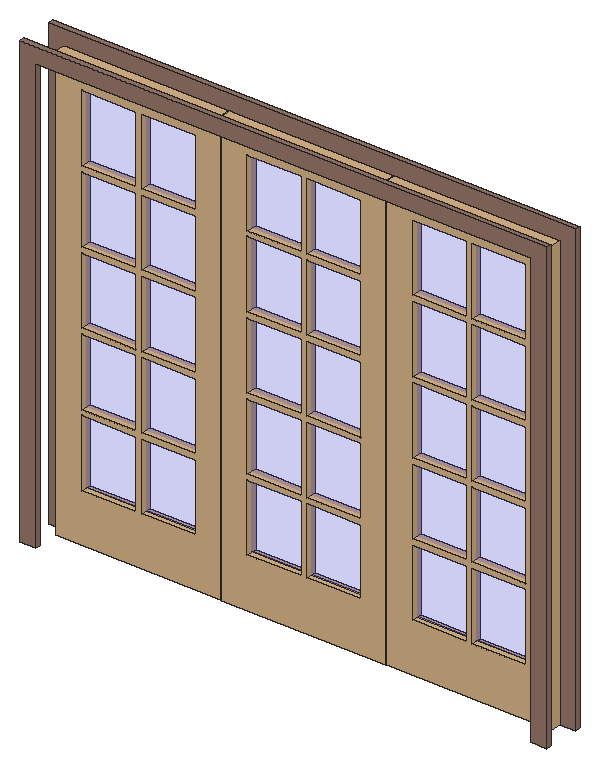
Revit family "0083_M_DR_W_triple-glass 2", category 문, Revit 2026
Family settings
  호스트 = 벽
  항상 수직 = 예
  로드될 때 보이드를 사용하여 절단 = 아니오
  공유 = 아니오
  룸 계산 점 = 아니오
Parameters (values of type "96" x 84"")
  두께 = 0' - 2"
  기능 = 내부
  Muntin = 0' - 1"
  조합 코드 = "C1020"
  Door Material = Door - Panel
  Frame Material = Door - Frame
  Height = 7' - 0"
  Rail Width - Base = 0' - 9 1/2"
  Rail Width - Top = 0' - 5"
  Stile Width = 0' - 5"
  Trim Projection = 0' - 1"
  Trim Width = 0' - 3"
  벽 마무리 = 호스트별
  Width = 8' - 0"
  Panel Width = Width / 3  # 2' - 8"
Types (5): name | 두께 | Muntin | 조합 코드 | Height | Rail Width - Base | Rail Width - Top | Stile Width | Trim Projection | Trim Width | Width | Panel Width
  108" x 84" | 0' - 2" | 0' - 1" | "C1020" | 7' - 0" | 0' - 9 1/2" | 0' - 5" | 0' - 5" | 0' - 1" | 0' - 3" | 9' - 0" | 3' - 0"
  96" x 80" | 0' - 2" | 0' - 1" | "C1020" | 6' - 8" | 0' - 9 1/2" | 0' - 5" | 0' - 5" | 0' - 1" | 0' - 3" | 8' - 0" | 2' - 8"
  96" x 84" | 0' - 2" | 0' - 1" | "C1020" | 7' - 0" | 0' - 9 1/2" | 0' - 5" | 0' - 5" | 0' - 1" | 0' - 3" | 8' - 0" | 2' - 8"
  108" x 82" | 0' - 2" | 0' - 1" | "C1020" | 6' - 10" | 0' - 9 1/2" | 0' - 5" | 0' - 5" | 0' - 1" | 0' - 3" | 9' - 0" | 3' - 0"
  2438 x 2134mm | 0' - 1.9685" | 0' - 0.98425" | 0' - 0" | 7' - 0.01575" | 0' - 9.44882" | 0' - 4.92126" | 0' - 4.92126" | 0' - 0.98425" | 0' - 2.95276" | 7' - 11.98819" | 2' - 7.99606"
Reference planes (in)
  plane 1: y = 0
  plane 2: z = 0
  plane 3: x = 0
  plane 4: x = -48
  plane 5: x = 48
  plane 6: z = 84
  plane 7: z = 42
  plane 8: z = 9.5
  plane 9: z = 79
  plane 10: x = 16
  plane 11: x = -16
  plane 12: x = 43
  plane 13: x = 11
  plane 14: x = -11
  plane 15: x = -43
  plane 16: x = 21
  plane 17: x = -21
  plane 18: x = 32
  plane 19: x = -32
  plane 20: z = 80
  plane 21: z = 65.9
  plane 22: z = 51.8
  plane 23: z = 37.7
  plane 24: z = 23.6
  plane 25: z = 64.9
  plane 26: z = 50.8
  plane 27: z = 36.7
  plane 28: z = 22.6
Forms (in)
  Extrusion 1, solid, material "Door - Panel" <- "Door Material"
    sketch origin (0, 0, 0) x (1, 0, 0) y (0, 0, 1)
      loop
        line (-48, 84) -> (-48, 0) -> (-16.125, 0) -> (-16.125, 84) -> (-48, 84)
      loop
        line (48, 84) -> (16.125, 84) -> (16.125, 0) -> (48, 0) -> (48, 84)
      loop
        line (-43, 79) -> (-43, 65.9) -> (-32.5, 65.9) -> (-32.5, 79) -> (-43, 79)
      loop
        line (-43, 9.5) -> (-32.5, 9.5) -> (-32.5, 22.6) -> (-43, 22.6) -> (-43, 9.5)
      loop
        line (-21, 79) -> (-31.5, 79) -> (-31.5, 65.9) -> (-21, 65.9) -> (-21, 79)
      loop
        line (21, 79) -> (21, 65.9) -> (31.5, 65.9) -> (31.5, 79) -> (21, 79)
      loop
        line (21, 9.5) -> (31.5, 9.5) -> (31.5, 22.6) -> (21, 22.6) -> (21, 9.5)
      loop
        line (43, 79) -> (32.5, 79) -> (32.5, 65.9) -> (43, 65.9) -> (43, 79)
      loop
        line (11, 79) -> (0.5, 79) -> (0.5, 65.9) -> (11, 65.9) -> (11, 79)
      loop
        line (11, 9.62483) -> (11, 22.6) -> (0.5, 22.6) -> (0.5, 9.62483) -> (11, 9.62483)
      loop
        line (-11, 9.62483) -> (-0.5, 9.62483) -> (-0.5, 22.6) -> (-11, 22.6) -> (-11, 9.62483)
      loop
        line (-11, 79) -> (-11, 65.9) -> (-0.5, 65.9) -> (-0.5, 79) -> (-11, 79)
      loop
        line (15.875, 84) -> (-15.875, 84) -> (-15.875, 0) -> (15.875, 0) -> (15.875, 84)
      loop
        line (43, 22.6) -> (32.5, 22.6) -> (32.5, 9.5) -> (43, 9.5) -> (43, 22.6)
      loop
        line (43, 23.6) -> (43, 36.7) -> (32.5, 36.7) -> (32.5, 23.6) -> (43, 23.6)
      loop
        line (21, 23.6) -> (31.5, 23.6) -> (31.5, 36.7) -> (21, 36.7) -> (21, 23.6)
      loop
        line (21, 37.7) -> (31.5, 37.7) -> (31.5, 50.8) -> (21, 50.8) -> (21, 37.7)
      loop
        line (32.5, 37.7) -> (43, 37.7) -> (43, 50.8) -> (32.5, 50.8) -> (32.5, 37.7)
      loop
        line (43, 51.8) -> (43, 64.9) -> (32.5, 64.9) -> (32.5, 51.8) -> (43, 51.8)
      loop
        line (31.5, 51.8) -> (31.5, 64.9) -> (21, 64.9) -> (21, 51.8) -> (31.5, 51.8)
      loop
        line (11, 64.9) -> (0.5, 64.9) -> (0.5, 51.8) -> (11, 51.8) -> (11, 64.9)
      loop
        line (-11, 64.9) -> (-11, 51.8) -> (-0.5, 51.8) -> (-0.5, 64.9) -> (-11, 64.9)
      loop
        line (-11, 50.8) -> (-11, 37.7) -> (-0.5, 37.7) -> (-0.5, 50.8) -> (-11, 50.8)
      loop
        line (0.5, 50.8) -> (0.5, 37.7) -> (11, 37.7) -> (11, 50.8) -> (0.5, 50.8)
      loop
        line (-11, 36.7) -> (-11, 23.6) -> (-0.5, 23.6) -> (-0.5, 36.7) -> (-11, 36.7)
      loop
        line (0.5, 36.7) -> (0.5, 23.6) -> (11, 23.6) -> (11, 36.7) -> (0.5, 36.7)
      loop
        line (-21, 22.6) -> (-31.5, 22.6) -> (-31.5, 9.5) -> (-21, 9.5) -> (-21, 22.6)
      loop
        line (-21, 23.6) -> (-21, 36.7) -> (-31.5, 36.7) -> (-31.5, 23.6) -> (-21, 23.6)
      loop
        line (-32.5, 23.6) -> (-32.5, 36.7) -> (-43, 36.7) -> (-43, 23.6) -> (-32.5, 23.6)
      loop
        line (-43, 37.7) -> (-32.5, 37.7) -> (-32.5, 50.8) -> (-43, 50.8) -> (-43, 37.7)
      loop
        line (-31.5, 37.7) -> (-21, 37.7) -> (-21, 50.8) -> (-31.5, 50.8) -> (-31.5, 37.7)
      loop
        line (-21, 51.8) -> (-21, 64.9) -> (-31.5, 64.9) -> (-31.5, 51.8) -> (-21, 51.8)
      loop
        line (-43, 51.8) -> (-32.5, 51.8) -> (-32.5, 64.9) -> (-43, 64.9) -> (-43, 51.8)
    from -3.09375 to -1.09375
  Extrusion 2, solid, material "Glass"
    sketch origin (0, 0, 0) x (1, 0, 0) y (0, 0, 1)
      loop
        line (21, 79) -> (21, 9.5) -> (43, 9.5) -> (43, 79) -> (21, 79)
      loop
        line (11, 79) -> (-11, 79) -> (-11, 9.62483) -> (11, 9.62483) -> (11, 79)
      loop
        line (-21, 79) -> (-43, 79) -> (-43, 9.5) -> (-21, 9.5) -> (-21, 79)
    from -2.375 to -2.09375
  Extrusion 3, solid, material "Door - Frame" <- "Frame Material"
    sketch origin (-93.06215, 3.09375, 0) x (-1, 0, 0) y (0, 0, 1)
      loop
        line (-141.06215, 0) -> (-141.06215, 84) -> (-45.06215, 84) -> (-45.06215, 0) -> (-42.06215, 0) -> (-42.06215, 87) -> (-144.06215, 87) -> (-144.06215, 0) -> (-141.06215, 0)
    from 0 to 1
  Extrusion 4, solid, material "Door - Frame" <- "Frame Material"
    sketch origin (-93.06215, -2.90625, 0) x (1, 0, 0) y (0, 0, 1)
      loop
        line (141.06215, 0) -> (144.06215, 0) -> (144.06215, 87) -> (42.06215, 87) -> (42.06215, 0) -> (45.06215, 0) -> (45.06215, 84) -> (141.06215, 84) -> (141.06215, 0)
    from 0 to 1
Lines and regions (in)
  Opening 1
    outline origin (-60, -2.90625, 144) x (0, 0, -1) y (1, 0, 0)
      loop
        line (60, 12) -> (144, 12) -> (144, 108) -> (60, 108) -> (60, 12)
  model lines
    curve 1: line (0, 0, 84) -> (0, 0, 84)
    curve 2: line (0, 0, 84) -> (0, 0, 84)
    curve 3: line (0, 0, 84) -> (0, 0, 84)
    curve 4: line (0, 0, 84) -> (0, 0, 84)
  symbolic lines, style "Elevation Swing"
    curve 5: line (-15.875, 0, 84) -> (16.125, 0, 42)
    curve 6: line (16.125, 0, 42) -> (-15.875, 0, 0)
  symbolic lines, style "DoorsPanelProjection"
    curve 7: line (-16, 3.09375, 0) -> (-16, 8.09375, 0)
    curve 8: line (-16, 35.09375, 0) -> (-14, 35.09375, 0)
    curve 9: line (-14, 35.09375, 0) -> (-14, 30.09375, 0)
    curve 10: line (-14, 3.09375, 0) -> (-16, 3.09375, 0)
    curve 11: line (-16, 8.09375, 0) -> (-14, 8.09375, 0)
    curve 12: line (-16, 30.09375, 0) -> (-14, 30.09375, 0)
    curve 15: line (-16, 30.09375, 0) -> (-16, 35.09375, 0)
    curve 16: line (-14, 30.09375, 0) -> (-14, 8.09375, 0)
    curve 17: line (-14, 8.09375, 0) -> (-14, 3.09375, 0)
    curve 18: line (-16, 8.09375, 0) -> (-16, 30.09375, 0)
    curve 19: line (-48, 3.09375, 0) -> (-43, 3.09375, 0)
    curve 20: line (-48, 1.09375, 0) -> (-48, 3.09375, 0)
    curve 21: line (-43, 1.09375, 0) -> (-48, 1.09375, 0)
    curve 22: line (-43, 3.09375, 0) -> (-43, 1.09375, 0)
    curve 23: line (-21, 3.06771, 0) -> (-16.125, 3.06771, 0)
    curve 24: line (-21, 1.09375, 0) -> (-21, 3.06771, 0)
    curve 25: line (-16.125, 1.09375, 0) -> (-21, 1.09375, 0)
    curve 26: line (-16.125, 3.06771, 0) -> (-16.125, 1.09375, 0)
    curve 27: line (-43, 1.09375, 0) -> (-21, 1.09375, 0)
    curve 28: line (-43, 3.09375, 0) -> (-21, 3.09375, 0)
    curve 31: line (21, 3.09375, 0) -> (43, 3.09375, 0)
    curve 32: line (21, 1.09375, 0) -> (43, 1.09375, 0)
    curve 33: line (43, 3.09375, 0) -> (48, 3.09375, 0)
    curve 34: line (43, 1.09375, 0) -> (43, 3.09375, 0)
    curve 35: line (48, 1.09375, 0) -> (43, 1.09375, 0)
    curve 36: line (48, 3.09375, 0) -> (48, 1.09375, 0)
    curve 37: line (16.125, 3.09375, 0) -> (21, 3.09375, 0)
    curve 38: line (16.125, 1.09375, 0) -> (16.125, 3.09375, 0)
    curve 39: line (21, 1.09375, 0) -> (16.125, 1.09375, 0)
    curve 40: line (21, 3.09375, 0) -> (21, 1.09375, 0)
  symbolic lines, style "Plan Swing"
    curve 13: arc (-16, 35.09375, 0) -> (6.62742, 25.72117, 0) -> (16, 3.09375, 0) r 32
  symbolic lines, style "DoorsGlassProjection"
    curve 14: line (-15, 8.09375, 0) -> (-15, 30.09375, 0)
    curve 29: line (-43, 2.09375, 0) -> (-21, 2.09375, 0)
    curve 30: line (21, 2.09375, 0) -> (43, 2.09375, 0)
Text (in)
  text "Exterior" at (-78.76614, 13.86463, 0), in view "Ground floor"
Dimensions and locks (in)
  equal spacing: plane 4, plane 3, plane 5
  "Width": plane 4 to plane 5
  "Height": plane 6 to plane 2
  equal spacing: plane 2, plane 7, plane 6
  "Trim Width": Extrusion 3 sketch curve to Extrusion 1  (x2)
  "Trim Width": Extrusion 3 sketch curve to plane 6
  "Trim Projection": Extrusion 3 to host wall
  "Trim Width": Extrusion 4 sketch curve to plane 5
  "Trim Width": Extrusion 4 sketch curve to plane 4
  "Trim Width": Extrusion 4 sketch curve to plane 6
  "Trim Projection": Extrusion 4 to Extrusion 4
  "두께": Extrusion 1 to host wall
  "Rail Width - Base": plane 2 to plane 8
  "Rail Width - Top": plane 9 to plane 6
  locked: host wall to Extrusion 2 at 0.71875
  locked: Extrusion 2 to Extrusion 2 at 0.28125
  equal spacing: plane 4, plane 11, plane 10, plane 5
  "Stile Width": plane 12 to plane 5
  "Stile Width": plane 4 to plane 15
  "Stile Width": plane 10 to plane 16
  "Stile Width": plane 13 to plane 10
  "Stile Width": plane 11 to plane 14
  "Stile Width": plane 17 to plane 11
  Extrusion 1 sketch curve to plane 10 to Extrusion 1 sketch curve = 0' - 0 1/8" locked, 0' - 0 1/8" locked
  Extrusion 1 sketch curve to plane 11 to Extrusion 1 sketch curve = 0' - 0 1/8" locked, 0' - 0 1/8" locked
  "두께": plane 11 to curve 9
  "Stile Width": curve 12 to curve 8
  "Stile Width": curve 10 to curve 11
  "Panel Width": curve 10 to curve 8
  "Muntin": plane 9 to plane 20
  equal spacing: plane 8, plane 24, plane 23, plane 22, plane 21, plane 20
  "Muntin": plane 25 to plane 21
  "Muntin": plane 26 to plane 22
  "Muntin": plane 27 to plane 23
  "Muntin": plane 28 to plane 24
  equal spacing: plane 10, plane 18, plane 5
  equal spacing: plane 4, plane 19, plane 11
  equal spacing: Extrusion 1 sketch curve, plane 18, Extrusion 1 sketch curve
  "Muntin": Extrusion 1 sketch curve to Extrusion 1 sketch curve  (x3)
  equal spacing: Extrusion 1 sketch curve, plane 3, Extrusion 1 sketch curve
  equal spacing: Extrusion 1 sketch curve, plane 19, Extrusion 1 sketch curve
  aligned and locked: plane 6 to Extrusion 3 sketch curve  (x2)
  aligned and locked: plane 2 to Extrusion 3 sketch curve
  aligned and locked: level to Extrusion 3 sketch curve
  aligned and locked: Extrusion 3 to host wall
  aligned and locked: level to Extrusion 4 sketch curve
  aligned and locked: plane 2 to Extrusion 4 sketch curve
  aligned and locked: plane 6 to Extrusion 4 sketch curve  (x2)
  aligned and locked: plane 5 to Extrusion 4 sketch curve
  aligned and locked: host wall to Extrusion 1
  aligned and locked: plane 12 to Extrusion 1 sketch curve
  aligned and locked: plane 16 to Extrusion 1 sketch curve
  aligned and locked: plane 17 to Extrusion 1 sketch curve
  aligned and locked: plane 13 to Extrusion 1 sketch curve
  aligned and locked: Extrusion 1 sketch curve to plane 9
  aligned and locked: plane 14 to Extrusion 1 sketch curve
  aligned and locked: plane 12 to Extrusion 2 sketch curve
  aligned and locked: plane 16 to Extrusion 2 sketch curve
  aligned and locked: Extrusion 1 to Extrusion 2 sketch curve  (x2)
  aligned and locked: Extrusion 2 sketch curve to Extrusion 1  (x4)
  aligned and locked: plane 8 to Extrusion 2 sketch curve
  aligned and locked: plane 15 to Extrusion 2 sketch curve
  aligned and locked: plane 15 to Extrusion 1 sketch curve
  aligned and locked: host wall to curve 19
  aligned and locked: curve 22 to Extrusion 1
  aligned and locked: curve 21 to Extrusion 1
  aligned and locked: curve 19 to Extrusion 1
  aligned and locked: curve 23 to Extrusion 1
  aligned and locked: Extrusion 1 to curve 26
  aligned and locked: curve 26 to Extrusion 1
  aligned and locked: Extrusion 1 to curve 36
  aligned and locked: curve 36 to Extrusion 1
  aligned and locked: curve 34 to plane 12
  aligned and locked: curve 37 to Extrusion 1
  aligned and locked: curve 40 to Extrusion 1
  aligned and locked: curve 13 to curve 37
  aligned and locked: curve 39 to Extrusion 1
Automatic sketch dimensions
  Opening 1 sketch curve to plane 6 = 0' - 0"
  Opening 1 sketch curve to level = 0' - 0"
  Opening 1 sketch curve to plane 4 = 0' - 0"
  Opening 1 sketch curve to plane 5 = 0' - 0"
  Extrusion 3 sketch curve to plane 5 = 0' - 0"
  Extrusion 3 sketch curve to plane 4 = 0' - 0"
  Extrusion 4 sketch curve to plane 4 = 0' - 0"
  Extrusion 2 sketch curve to plane 8 = 0' - 0"
  Extrusion 2 sketch curve to plane 9 = 0' - 0"
  curve 4 to plane 3 = 0' - 0"
  curve 4 to plane 6 = 0' - 0"
  curve 2 to plane 3 = 0' - 0"  (x2)
  curve 2 to plane 6 = 0' - 0"  (x2)
  curve 3 to plane 3 = 0' - 0"
  curve 3 to plane 6 = 0' - 0"
  curve 5 to plane 6 = 0' - 0"
  curve 6 to plane 7 = 0' - 0"
  curve 6 to level = 0' - 0"
  plane 11 to curve 5 = 0' - 0 1/8"
  plane 11 to curve 6 = 0' - 0 1/8"
  plane 10 to curve 5 = 0' - 0 1/8"
  curve 28 to plane 17 = 0' - 0"
  curve 7 to plane 11 = 0' - 0"
  curve 13 to host wall = 0' - 0"
  curve 13 to plane 10 = 0' - 0"
  plane 11 to curve 14 = 0' - 1"
  curve 24 to curve 29 = 0' - 1"
  curve 30 to host wall = 0' - 1"
  curve 23 to host wall = 0' - 0.02604"
  Extrusion 1 sketch curve to plane 4 = 0' - 0"
  Extrusion 1 sketch curve to plane 23 = 0' - 0"  (x6)
  Extrusion 1 sketch curve to plane 25 = 0' - 0"  (x6)
  Extrusion 1 sketch curve to plane 14 = 0' - 0"  (x4)
  Extrusion 1 sketch curve to plane 21 = 0' - 0"  (x6)
  Extrusion 1 sketch curve to plane 22 = 0' - 0"  (x6)
  Extrusion 1 sketch curve to plane 27 = 0' - 0"  (x6)
  Extrusion 1 sketch curve to plane 24 = 0' - 0"  (x6)
  Extrusion 1 sketch curve to plane 9 = 0' - 0"  (x5)
  Extrusion 1 sketch curve to plane 26 = 0' - 0"  (x6)
  Extrusion 1 sketch curve to plane 28 = 0' - 0"  (x6)
  Extrusion 1 sketch curve to plane 13 = 0' - 0"  (x4)
  Extrusion 1 sketch curve to plane 16 = 0' - 0"  (x4)
  Extrusion 1 sketch curve to plane 8 = 0' - 0"  (x4)
  Extrusion 1 sketch curve to plane 12 = 0' - 0"  (x4)
  Extrusion 1 sketch curve to level = 0' - 0"  (x3)
  Extrusion 1 sketch curve to plane 5 = 0' - 0"
  Extrusion 1 sketch curve to plane 6 = 0' - 0"  (x3)
  Extrusion 1 sketch curve to plane 3 = 0' - 0 1/2"  (x4)
  plane 3 to Extrusion 1 sketch curve = 0' - 0 1/2"  (x4)
  Extrusion 1 sketch curve to plane 8 = 0' - 0.12483"  (x2)
  Extrusion 1 sketch curve to plane 18 = 0' - 0 1/2"  (x4)
  plane 18 to Extrusion 1 sketch curve = 0' - 0 1/2"  (x4)
  Extrusion 1 sketch curve to plane 15 = 0' - 0"  (x4)
  Extrusion 1 sketch curve to plane 19 = 0' - 0 1/2"  (x4)
  plane 19 to Extrusion 1 sketch curve = 0' - 0 1/2"  (x4)
  Extrusion 1 sketch curve to plane 17 = 0' - 0"  (x4)
